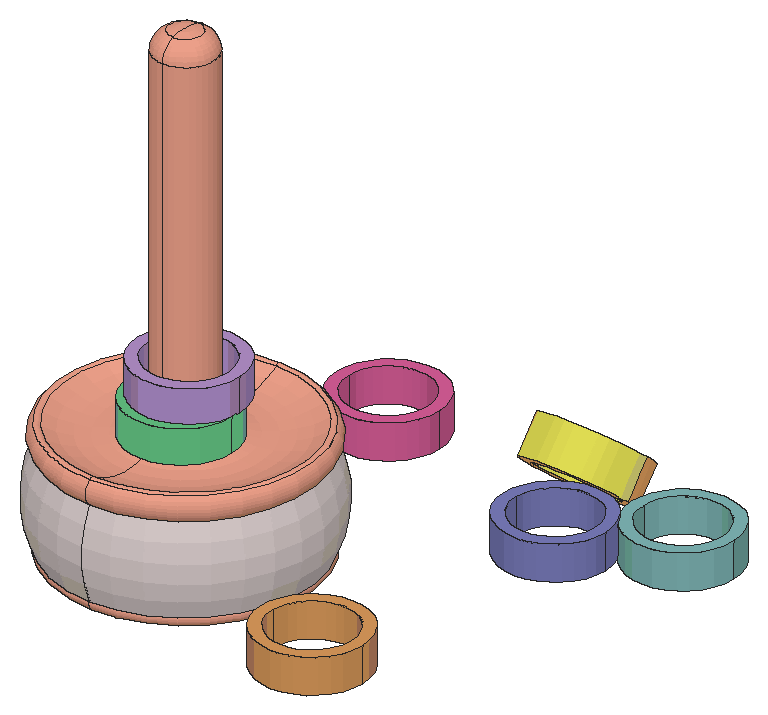
Revit family
Reference planes (m)
  plane 1 "Centro (Frontal/Posterior)": y = 0
  plane 2: z = 0
  plane 3 "Centro (Izquierda/Derecha)": x = 0
Forms (m)
  Revolve 1, solid
    sketch origin (0, 0, 0) x (0, 1, 0) y (0, 0, 1)
      loop
        line (0, 0) -> (0, 0.83)
        arc (0, 0.83) -> (-0.013551, 0.829577) -> (-0.026747, 0.826466) r 0.067813
        arc (-0.026747, 0.826466) -> (-0.043322, 0.814438) -> (-0.05, 0.795079) r 0.034052
        line (-0.05, 0.795079) -> (-0.05, 0.237191)
        arc (-0.05, 0.237191) -> (-0.059103, 0.210889) -> (-0.081569, 0.194458) r 0.046629
        arc (-0.081569, 0.194458) -> (-0.142498, 0.18885) -> (-0.200436, 0.208522) r 0.147073
        arc (-0.200436, 0.208522) -> (-0.205436, 0.210348) -> (-0.210436, 0.208522) r 0.007756
        arc (-0.210436, 0.208522) -> (-0.219732, 0.188522) -> (-0.210436, 0.168522) r 0.026162
        arc (-0.210436, 0.168522) -> (-0.228406, 0.092571) -> (-0.211472, 0.016383) r 0.174508
        arc (-0.211472, 0.016383) -> (-0.21, 0.005206) -> (-0.2, 0) r 0.012208
        line (-0.2, 0) -> (0, 0)
      axis (0, 0.83) -> (0, 0)
    angle from 0 to 360
  Extrusion 2, solid
    sketch origin (0, -0.01, 0) x (1, 0, 0) y (0, 1, 0)
      loop
        circle (0, 0) r 0.07
      loop
        circle (0, 0) r 0.09
    from 0.194458 to 0.250935
  Extrusion 3, solid
    sketch origin (0, 0.0075, 0) x (1, 0, 0) y (0, 1, 0)
      loop
        circle (0, 0) r 0.07
      loop
        circle (0, 0) r 0.09
    from 0.250935 to 0.306819
  Extrusion 4, solid
    sketch origin (0, 0.4475, 0) x (1, 0, 0) y (0, 1, 0)
      loop
        circle (0, 0) r 0.07
      loop
        circle (0, 0) r 0.09
    from 0 to 0.060056
  Extrusion 5, solid
    sketch origin (0.329763, -0.132945, 0) x (1, 0, 0) y (0, 1, 0)
      loop
        circle (0, 0) r 0.07
      loop
        circle (0, 0) r 0.09
    from 0 to 0.060056
  Extrusion 6, solid
    sketch origin (0.392742, 0.324449, 0) x (1, 0, 0) y (0, 1, 0)
      loop
        circle (0, 0) r 0.07
      loop
        circle (0, 0) r 0.09
    from 0 to 0.060056
  Extrusion 7, solid
    sketch origin (0.361245, 0.373623, 0.012004) x (1, 0, 0) y (0, 0.766044, -0.642788)
      loop
        circle (0, 0) r 0.07
      loop
        circle (0, 0) r 0.09
    from 0.060056 to 0.128051
  Extrusion 8, solid
    sketch origin (0.545351, 0.415561, 0) x (1, 0, 0) y (0, 1, 0)
      loop
        circle (0, 0) r 0.07
      loop
        circle (0, 0) r 0.09
    from 0 to 0.060056
